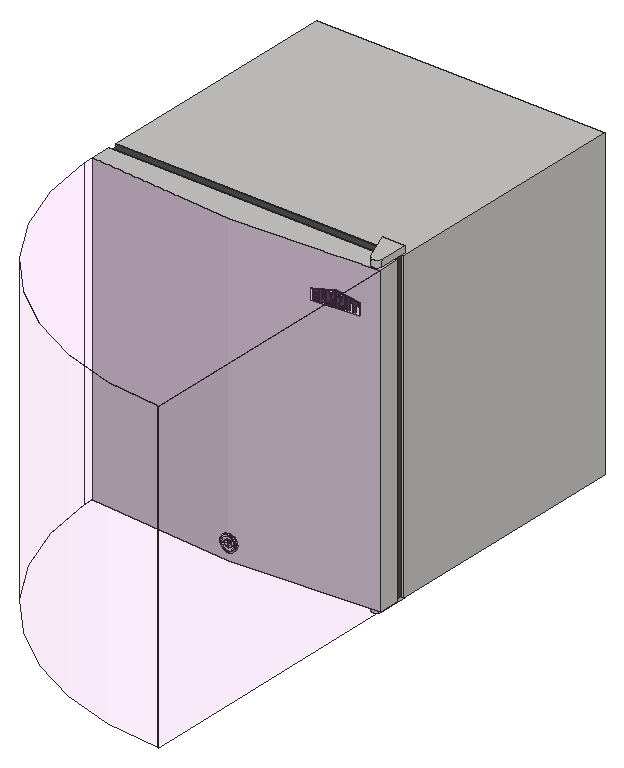
Revit family "QF_Summit_MB42SS_Compact Minibar", category Specialty Equipment, Revit 2020
Family settings
  Round Connector Dimension = Use Diameter
  Part Type = Normal
  Work Plane-Based = No
  Always vertical = Yes
  Cut with Voids When Loaded = No
  Shared = No
  Room Calculation Point = No
Parameters
  Weight in Pounds = 31
  Watts = if(Phase = 3, Volts * FL Amps * 1.73, Volts * FL Amps)  # 80.5 W
  Volts = 115 V
  URL Cutsheet = ""
  Specification by User = ""
  Specification by Manufacturer = ""
  Show RHD [instance] = yes
  Show LHD [instance] = not(Show RHD)  # no
  Show Clearance [instance] = yes
  Serial Number = ""
  Seismic Rating = ""
  SMACNA No = ""
  Revision Code = ""
  Refrigerant Volume = 0.00 kip
  Refrigerant Type = "R600a"
  Phase = 1
  Number of Poles = 1
  NAFEM Spec ID Number = ""
  Model = "MB42SS"
  Min Ckt Ampacity = 0 A
  Max Overcurrent Protection = 0 A
  Masterspec = ""
  Manufacturer = "Summit"
  Length = 17 5/8"
  Item Number = ""
  Installed By = ""
  Identify Quantity as Lot = yes
  Height = 19 7/8"
  HP = ""
  Furnished By = ""
  Foodservice Equipment Identifier = yes
  FL Amps = 0.7 A
  Electrical Remarks = ""
  Electric Connection Type = ""
  Elec Conn RI Height = 0"
  Elec Conn Connection Height = 0"
  Description = "Compact Minibar"
  Depth = 17 3/4"
  Default Elevation = 0"
  Cycle = 60 Hz
  Conn Plug = ""
  Conn Conduit = yes
  CSI MasterFormat = ""
  BTUH = 0.0 Btu/h
  Apparent Power = if(Phase = 3, Volts * FL Amps * 1.73, Volts * FL Amps)  # 80.5 VA
Reference planes (in)
  plane 1 "BACK": y = 0
  plane 2: z = 0
  plane 3 "LEFT": x = 0
  plane 4 "RIGHT": x = 17.625
  plane 5 "FRONT": y = -17.75
  plane 6 "TOP": z = 19.875
  plane 7 "Center Y": x = 8.8125
  plane 8 "Center X": y = -8.875
  plane 9: z = 0.75
  plane 10: y = -34.125
  plane 11: y = -15.875
  plane 12: y = -15.375
  plane 13: z = 19.5
  plane 14: z = 18.51485
  plane 15: z = 16.76485
Forms (in)
  Extrusion 1, solid, material "QF_Metal_Stainless_Polished"
    sketch origin (0, 0, 0) x (1, 0, 0) y (0, 1, 0)
      loop
        line (0, 0) -> (0, -15.375) -> (17.625, -15.375) -> (17.625, 0) -> (0, 0)
    from 0.75 to 19.5
  Extrusion 2, solid, material "QF_Metal_Stainless_Polished"
    sketch origin (0, 0, 0) x (1, 0, 0) y (0, 1, 0)
      loop
        line (0, -15.875) -> (0, -17.13425)
        arc (0, -17.13425) -> (8.8125, -17.75) -> (17.625, -17.13425) r 63.36965
        line (17.625, -17.13425) -> (17.625, -15.875) -> (0, -15.875)
    from 0.75 to 19.5
  Extrusion 3, solid, material "QF_Metal_Stainless_Polished"
    sketch origin (0.06445, 0, 19.5) x (1, 0, 0) y (0, 1, 0)
      loop
        line (17.36229, -16.79133) -> (17.36229, -15.06633) -> (16.02651, -15.06633) -> (16.74884, -16.86335)
        arc (16.74884, -16.86335) -> (17.08759, -17.10016) -> (17.36229, -16.79133) r 0.31095
    from 0 to 0.375
  Extrusion 4, solid, material "QF_Plastic_Epoxy_Black"
    sketch origin (0, 0, 19.5) x (1, 0, 0) y (0, 1, 0)
      loop
        line (0.19826, -15.875) -> (17.42674, -15.875) -> (17.42674, -15.375) -> (0.19826, -15.375) -> (0.19826, -15.875)
    from 0 to -18.75
  Revolve 5, solid, material "QF_Plastic_Epoxy_Black"
    sketch origin (0, -14.25, 0) x (0, 0, 1) y (-1, 0, 0)
      loop
        line (0.75, -0.82586) -> (0.05, -0.87481)
        arc (0.05, -0.87481) -> (0.01444, -0.89177) -> (0, -0.92843) r 0.05375
        line (0, -0.92843) -> (0, -1.25) -> (0.75, -1.25) -> (0.75, -0.82586)
      axis (0, -1.25) -> (0.75, -1.25)
    angle from 0 to 360
  Revolve 6, solid
    sketch origin (0, -0.07031, 1.75) x (1, 0, 0) y (0, 1, 0)
      loop
        line (8.8125, -17.75) -> (8.98497, -17.75) -> (9.01042, -17.72455) -> (9.0541, -17.72455)
        arc (9.0541, -17.72455) -> (9.12737, -17.73334) -> (9.20051, -17.74318) r 5.12438
        line (9.20051, -17.74318) -> (9.24862, -17.75) -> (9.2879, -17.75)
        arc (9.2879, -17.75) -> (9.3053, -17.7428) -> (9.3125, -17.7254) r 0.0246
        line (9.3125, -17.7254) -> (9.3125, -17.41733) -> (8.8125, -17.41733) -> (8.8125, -17.75)
      axis (8.8125, -17.75) -> (8.8125, -17.41733)
    angle from 0 to 360
  Extrusion 7, void
    sketch origin (8.8125, -17.82031, 1.75) x (0, 0, 1) y (1, 0, 0)
      loop
        line (0.15964, -0.02657) -> (0.15964, 0.02539) -> (-0.1559, 0.02539) -> (-0.1559, -0.02657) -> (0.15964, -0.02657)
    from -0.02604 to 0.08679
  Extrusion 8, solid
    sketch origin (0, 0, 0) x (1, 0, 0) y (0, 0, -1)
      loop
        circle (15.53125, -1.75) r 0.25
    from 0 to 0.22395
  Revolve 9, solid, material "QF_Plastic_Epoxy_Black"
    sketch origin (15.875, -14.25, 0) x (0, 0, 1) y (-1, 0, 0)
      loop
        line (0.75, 0.82586) -> (0.75, 1.25) -> (0, 1.25) -> (0, 0.92843)
        arc (0, 0.92843) -> (0.01444, 0.89177) -> (0.05, 0.87481) r 0.05375
        line (0.05, 0.87481) -> (0.75, 0.82586)
      axis (0, 1.25) -> (0.75, 1.25)
    angle from 0 to 360
  Revolve 10, solid, material "QF_Plastic_Epoxy_Black"
    sketch origin (0, -1.25, 0) x (0, 0, 1) y (-1, 0, 0)
      loop
        line (0.75, -0.82586) -> (0.05, -0.87481)
        arc (0.05, -0.87481) -> (0.01444, -0.89177) -> (0, -0.92843) r 0.05375
        line (0, -0.92843) -> (0, -1.25) -> (0.75, -1.25) -> (0.75, -0.82586)
      axis (0, -1.25) -> (0.75, -1.25)
    angle from 0 to 360
  Revolve 11, solid, material "QF_Plastic_Epoxy_Black"
    sketch origin (15.875, -1.25, 0) x (0, 0, 1) y (-1, 0, 0)
      loop
        line (0.75, 0.82586) -> (0.75, 1.25) -> (0, 1.25) -> (0, 0.92843)
        arc (0, 0.92843) -> (0.01444, 0.89177) -> (0.05, 0.87481) r 0.05375
        line (0.05, 0.87481) -> (0.75, 0.82586)
      axis (0, 1.25) -> (0.75, 1.25)
    angle from 0 to 360
  Extrusion 12, solid, material "QF_Clearances_Door_Drawer", visible <- "Show RHD"
    sketch origin (0, 0, 19.5) x (1, 0, 0) y (0, 1, 0)
      loop
        arc (0, -17.75) -> (5.56793, -29.39713) -> (17.58062, -34.125) r 17.625
        line (17.58062, -34.125) -> (17.625, -34.125) -> (17.625, -17.13425)
        arc (17.625, -17.13425) -> (8.8125, -17.75) -> (0, -17.13425) r 63.36965
        line (0, -17.13425) -> (0, -17.75)
    from -18.75 to 0
  Extrusion 13, solid, material "QF_Metal_Stainless_Polished"
    sketch origin (0.06445, 0, 0.5594) x (1, 0, 0) y (0, 1, 0)
      loop
        line (17.36229, -16.79133) -> (17.36229, -15.06633) -> (16.02651, -15.06633) -> (16.74884, -16.86335)
        arc (16.74884, -16.86335) -> (17.08759, -17.10016) -> (17.36229, -16.79133) r 0.31095
    from 0 to 0.1906
  Extrusion 14, solid, material "QF_Metal_Stainless_Polished", visible <- "Show LHD"
    sketch origin (17.56055, 0, 19.5) x (-1, 0, 0) y (0, -1, 0)
      loop
        arc (17.36229, 16.79133) -> (17.08759, 17.10016) -> (16.74884, 16.86335) r 0.31095
        line (16.74884, 16.86335) -> (16.02651, 15.06633) -> (17.36229, 15.06633) -> (17.36229, 16.79133)
    from 0 to 0.375
  Extrusion 15, solid, material "QF_Clearances_Door_Drawer", visible <- "Show LHD"
    sketch origin (17.625, 0, 19.5) x (-1, 0, 0) y (0, -1, 0)
      loop
        line (0, 17.75) -> (0, 17.13425)
        arc (0, 17.13425) -> (8.8125, 17.75) -> (17.625, 17.13425) r 63.36965
        line (17.625, 17.13425) -> (17.625, 34.125) -> (17.58062, 34.125)
        arc (17.58062, 34.125) -> (5.56793, 29.39713) -> (0, 17.75) r 17.625
    from -18.75 to 0
  Extrusion 16, solid, material "QF_Metal_Stainless_Polished", visible <- "Show LHD"
    sketch origin (17.56055, 0, 0.5594) x (-1, 0, 0) y (0, -1, 0)
      loop
        arc (17.36229, 16.79133) -> (17.08759, 17.10016) -> (16.74884, 16.86335) r 0.31095
        line (16.74884, 16.86335) -> (16.02651, 15.06633) -> (17.36229, 15.06633) -> (17.36229, 16.79133)
    from 0 to 0.1906
Cuts and joins
  Extrusion 7 cuts Extrusion 4
  Extrusion 7 cuts Revolve 6
Lines and regions (in)
  symbolic lines
    curve 1: line (0, 0, 19.5) -> (0, -15.375, 19.5)
    curve 3: line (17.625, -15.375, 19.5) -> (17.625, 0, 19.5)
    curve 4: line (17.625, 0, 19.5) -> (0, 0, 19.5)
    curve 9: line (0, -17.13425, 19.5) -> (0, -15.875, 19.5)
    curve 35: line (17.42674, -15.375, 19.5) -> (17.42674, -15.875, 19.5)
    curve 36: line (0.19826, -15.375, 19.5) -> (0.19826, -15.875, 19.5)
  symbolic lines, visible <- "Show RHD"
    curve 2: line (0, -15.875, 19.5) -> (16.41533, -15.875, 19.5)
    curve 5: line (17.42674, -16.78664, 19.5) -> (17.42674, -15.06643, 19.5)
    curve 6: line (17.42674, -15.06643, 19.5) -> (16.0922, -15.06643, 19.5)
    curve 7: line (16.0922, -15.06643, 19.5) -> (16.83771, -16.93195, 19.5)
    curve 8: arc (16.83771, -16.93195, 19.5) -> (17.18913, -17.08999, 19.5) -> (17.42674, -16.78664, 19.5) r 0.31244
    curve 10: line (17.42674, -15.875, 19.5) -> (17.625, -15.875, 19.5)
    curve 11: line (17.625, -15.875, 19.5) -> (17.42674, -15.875, 19.5)
    curve 12: line (0, -15.875, 19.5) -> (0, -17.13425, 19.5)
    curve 13: line (17.625, -17.13425, 19.5) -> (17.625, -15.875, 19.5)
    curve 15: line (16.41533, -15.875, 19.5) -> (0, -15.875, 19.5)
    curve 18: line (0, -15.3749, 19.5) -> (16.21547, -15.3749, 19.5)
    curve 19: line (17.42674, -15.375, 19.5) -> (17.625, -15.375, 19.5)
  symbolic lines, style "QF_Clearances_Door_Drawer", visible <- "Show RHD"
    curve 14: arc (0, -17.75001, 19.5) -> (0.81468, -21.93546, 19.5) -> (2.61067, -25.80278, 19.5) r 17.62501
    curve 17: line (0, -17.75001, 19.5) -> (0, -17.13425, 19.5)
    curve 20: line (2.61067, -25.80278, 19.5) -> (17.625, -17.13425, 19.5)
  symbolic lines, style "SpecialityEquipment", visible <- "Show RHD"
    curve 16: arc (0, -17.13425, 19.5) -> (8.8125, -17.75, 19.5) -> (17.625, -17.13425, 19.5) r 63.36965
  symbolic lines, visible <- "Show LHD"
    curve 21: line (0.19826, -16.78664, 19.5) -> (0.19826, -15.06643, 19.5)
    curve 22: line (0.19826, -15.06643, 19.5) -> (1.5328, -15.06643, 19.5)
    curve 23: line (1.5328, -15.06643, 19.5) -> (0.78729, -16.93195, 19.5)
    curve 24: arc (0.78729, -16.93195, 19.5) -> (0.43587, -17.08999, 19.5) -> (0.19826, -16.78664, 19.5) r 0.31244
    curve 25: line (0, -15.875, 19.5) -> (0.19826, -15.875, 19.5)
    curve 26: line (17.625, -15.875, 19.5) -> (17.625, -17.13425, 19.5)
    curve 28: line (1.20967, -15.875, 19.5) -> (17.625, -15.875, 19.5)
    curve 31: line (0.19826, -15.375, 19.5) -> (0, -15.375, 19.5)
    curve 33: line (17.62501, -15.3749, 19.5) -> (1.40953, -15.3749, 19.5)
    curve 34: line (0.19826, -15.375, 19.5) -> (0, -15.375, 19.5)
  symbolic lines, style "QF_Clearances_Door_Drawer", visible <- "Show LHD"
    curve 27: arc (17.625, -17.75001, 19.5) -> (16.81032, -21.93546, 19.5) -> (15.01433, -25.80278, 19.5) r 17.62501
    curve 30: line (17.625, -17.75001, 19.5) -> (17.625, -17.13425, 19.5)
    curve 32: line (15.01433, -25.80278, 19.5) -> (0, -17.13425, 19.5)
  symbolic lines, style "SpecialityEquipment", visible <- "Show LHD"
    curve 29: arc (17.625, -17.13425, 19.5) -> (8.8125, -17.75, 19.5) -> (0, -17.13425, 19.5) r 63.36965
Dimensions and locks (in)
  equal spacing: plane 3 "LEFT", plane 7 "Center Y", plane 4 "RIGHT"
  "Length": plane 3 "LEFT" to plane 4 "RIGHT"
  equal spacing: plane 5 "FRONT", plane 8 "Center X", plane 1 "BACK"
  "Depth": plane 5 "FRONT" to plane 1 "BACK"
  "Height": plane 6 "TOP" to level
  plane 9 to level = 3/4"
  plane 1 "BACK" to plane 10 = 34 1/8"
  plane 1 "BACK" to plane 12 = 15 3/8"
  plane 4 "RIGHT" to plane 3 "LEFT" = 17 5/8"
  plane 12 to plane 11 = 1/2"
  plane 11 to plane 5 "FRONT" = 1 7/8"
  locked: plane 6 "TOP" to plane 13 at 0.375
  plane 13 to plane 9 = 18 3/4"
  plane 6 "TOP" to plane 13 = 3/8"
  aligned and locked: level to plane 2
  aligned and locked: Extrusion 1 to plane 9
  aligned and locked: Extrusion 2 to plane 9
  aligned and locked: cut or joined group of Extrusion 4, Extrusion 7 to plane 12
  aligned and locked: plane 11 to Extrusion 4
  aligned and locked: Extrusion 1 to plane 12
  aligned and locked: plane 11 to curve 11
  aligned and locked: Extrusion 2 to curve 15
  aligned and locked: Extrusion 12 to plane 9
  aligned and locked: plane 13 to Extrusion 2
  aligned and locked: plane 13 to Extrusion 1
  aligned and locked: plane 13 to Extrusion 12
  aligned and locked: plane 6 "TOP" to Extrusion 3
  aligned and locked: cut or joined group of Extrusion 4, Extrusion 7 to plane 9
Automatic sketch dimensions
  Revolve 6 sketch curve to plane 7 "Center Y" = 0"  (x2)
  Revolve 6 sketch curve to plane 7 "Center Y" = 0.3317"
  plane 5 "FRONT" to Revolve 6 sketch curve = 9/128"  (x2)
  Revolve 6 sketch curve to Revolve 6 sketch curve = 0.17247"
  Revolve 6 sketch curve to Revolve 6 sketch curve = 0.02545"
  Revolve 6 sketch curve to Revolve 6 sketch curve = 0.04368"
  plane 5 "FRONT" to Revolve 6 sketch curve = 0.06349"
  Revolve 6 sketch curve to Revolve 6 sketch curve = 0.14641"
  Revolve 6 sketch curve to Revolve 6 sketch curve = 0.04811"
  Revolve 6 sketch curve to Revolve 6 sketch curve = 0.03929"
  Revolve 6 sketch curve to Revolve 6 sketch curve = 0.0246"
  Revolve 6 sketch curve to Revolve 6 sketch curve = 5.06676"
  Revolve 6 sketch curve to plane 5 "FRONT" = 0.26235"
  Revolve 6 sketch curve to plane 5 "FRONT" = 0.07934"
  Revolve 6 sketch curve to Revolve 6 sketch curve = 0.03257"
  Revolve 6 to Extrusion 7 sketch curve = 0.1559"
  Extrusion 7 sketch curve to Revolve 6 = 0.15964"
  Extrusion 7 sketch curve to Extrusion 7 sketch curve = 0.05196"
  Extrusion 1 sketch curve to plane 3 "LEFT" = 0"
  Extrusion 1 sketch curve to plane 4 "RIGHT" = 0"
  Extrusion 1 sketch curve to plane 12 = 0"
  plane 1 "BACK" to Extrusion 1 sketch curve = 0"
  Extrusion 2 sketch curve to plane 3 "LEFT" = 0"
  Extrusion 2 sketch curve to plane 7 "Center Y" = 0"
  Extrusion 2 sketch curve to plane 4 "RIGHT" = 0"
  Extrusion 2 sketch curve to plane 11 = 0"
  Extrusion 2 sketch curve to plane 5 "FRONT" = 0.61575"
  Extrusion 2 sketch curve to plane 1 "BACK" = 45.61965"
  Extrusion 3 sketch curve to Extrusion 2 = 1.53404"
  Extrusion 3 sketch curve to Extrusion 2 = 0.81171"
  Extrusion 3 sketch curve to Extrusion 3 sketch curve = 0.3025"
  Extrusion 3 sketch curve to Extrusion 2 = 0.19826"
  Extrusion 3 sketch curve to Extrusion 2 = 0.98835"
  Extrusion 2 to Extrusion 3 sketch curve = 0.80867"
  Extrusion 4 sketch curve to Extrusion 2 = 0"
  Extrusion 4 sketch curve to Extrusion 2 = 0.19826"  (x2)
  Extrusion 2 to Extrusion 4 sketch curve = 1/2"
  Revolve 5 sketch curve to level = 0"
  Revolve 5 sketch curve to plane 9 = 0"  (x2)
  level to Revolve 5 sketch curve = 0.05"
  Revolve 5 sketch curve to Revolve 5 sketch curve = 0.00375"
  plane 3 "LEFT" to Revolve 5 sketch curve = 1 1/4"
  Revolve 5 sketch curve to Revolve 5 sketch curve = 0.32157"
  Revolve 5 sketch curve to Revolve 5 sketch curve = 0.42414"
  plane 9 to Revolve 5 sketch curve = 3/4"
  Revolve 5 sketch curve to Revolve 5 sketch curve = 0"
  Extrusion 1 to Extrusion 8 sketch curve = 1"
  Extrusion 8 sketch curve to Extrusion 1 = 2 3/32"
  Revolve 9 sketch curve to level = 0"
  Revolve 9 sketch curve to plane 9 = 0"  (x2)
  level to Revolve 9 sketch curve = 0.05"
  Revolve 9 sketch curve to Revolve 9 sketch curve = 0.00375"
  plane 4 "RIGHT" to Revolve 9 sketch curve = 2.57586"
  Revolve 9 sketch curve to Revolve 9 sketch curve = 0.04895"
  Revolve 9 sketch curve to Revolve 9 sketch curve = 0.32157"
  plane 9 to Revolve 9 sketch curve = 3/4"
  Revolve 9 sketch curve to Revolve 9 sketch curve = 0"
  Revolve 10 sketch curve to level = 0"
  Revolve 10 sketch curve to plane 9 = 0"  (x2)
  level to Revolve 10 sketch curve = 0.05"
  Revolve 10 sketch curve to Revolve 10 sketch curve = 0.00375"
  plane 3 "LEFT" to Revolve 10 sketch curve = 1 1/4"
  Revolve 10 sketch curve to Revolve 10 sketch curve = 0.32157"
  Revolve 10 sketch curve to Revolve 10 sketch curve = 0.42414"
  Revolve 10 sketch curve to Revolve 10 sketch curve = 3/4"
  Revolve 10 sketch curve to Revolve 10 sketch curve = 0"
  Revolve 11 sketch curve to level = 0"
  Revolve 11 sketch curve to plane 9 = 0"  (x2)
  level to Revolve 11 sketch curve = 0.05"
  Revolve 11 sketch curve to Revolve 11 sketch curve = 0.00375"
  plane 4 "RIGHT" to Revolve 11 sketch curve = 2.57586"
  Revolve 11 sketch curve to Revolve 11 sketch curve = 0.04895"
  Revolve 11 sketch curve to Revolve 11 sketch curve = 0.32157"
  Revolve 11 sketch curve to Revolve 11 sketch curve = 3/4"
  Revolve 11 sketch curve to Revolve 11 sketch curve = 0"
  Extrusion 12 sketch curve to Extrusion 2 = 0"  (x2)
  Extrusion 12 sketch curve to Extrusion 2 = 0.04438"
  Extrusion 12 sketch curve to Extrusion 12 sketch curve = 0.61575"
  Extrusion 12 sketch curve to Extrusion 12 sketch curve = 16.99075"
  plane 12 to Extrusion 13 sketch curve = 0.30867"
  plane 4 "RIGHT" to Extrusion 13 sketch curve = 1.53404"
  plane 4 "RIGHT" to Extrusion 13 sketch curve = 0.81171"
  Extrusion 13 sketch curve to Extrusion 13 sketch curve = 0.3025"
  plane 4 "RIGHT" to Extrusion 13 sketch curve = 0.19826"
  Extrusion 13 sketch curve to plane 11 = 0.91633"
  Extrusion 14 sketch curve to Extrusion 2 = 1.53404"
  Extrusion 14 sketch curve to Extrusion 2 = 0.81171"
  Extrusion 14 sketch curve to Extrusion 14 sketch curve = 0.3025"
  Extrusion 14 sketch curve to Extrusion 2 = 0.19826"
  Extrusion 2 to Extrusion 14 sketch curve = 0.80867"
  Extrusion 14 sketch curve to Extrusion 2 = 0.91633"
  Extrusion 15 sketch curve to Extrusion 2 = 0"  (x2)
  Extrusion 15 sketch curve to Extrusion 2 = 0.04438"
  Extrusion 15 sketch curve to Extrusion 2 = 5/8"
  Extrusion 15 sketch curve to Extrusion 15 sketch curve = 0.61575"
  plane 12 to Extrusion 16 sketch curve = 0.30867"
  plane 3 "LEFT" to Extrusion 16 sketch curve = 1.53404"
  plane 3 "LEFT" to Extrusion 16 sketch curve = 0.81171"
  Extrusion 16 sketch curve to Extrusion 16 sketch curve = 0.3025"
  plane 3 "LEFT" to Extrusion 16 sketch curve = 0.19826"
  Extrusion 16 sketch curve to plane 11 = 0.91633"
  curve 16 to curve 29 = 0"  (x2)
  curve 28 to Extrusion 2 = 0"
  curve 20 to Extrusion 2 = 2.61067"
  curve 22 to Extrusion 2 = 1.5328"
  curve 23 to Extrusion 2 = 0.78729"
  curve 24 to curve 23 = 0.27659"
  curve 21 to Extrusion 2 = 0.19826"
  curve 27 to Extrusion 2 = 0.04437"
  Extrusion 2 to curve 9 = 0"
  Extrusion 2 to curve 31 = 0"
  curve 32 to Extrusion 2 = 2.61067"
  curve 6 to Extrusion 2 = 1.5328"
  curve 7 to Extrusion 2 = 0.78729"
  curve 8 to curve 8 = 0.27659"
  curve 5 to Extrusion 2 = 0.19826"
  curve 35 to Extrusion 2 = 0.19826"
  curve 14 to Extrusion 2 = 0.04437"
  Extrusion 2 to curve 20 = 0"
  Extrusion 2 to curve 19 = 0"
  curve 10 to curve 28 = 0"
  curve 17 to curve 16 = 0.61576"
  curve 30 to curve 13 = 0.61576"
  curve 20 to curve 14 = 8.05277"
  curve 32 to curve 27 = 8.05277"
  curve 13 to curve 7 = 0.2023"
  curve 9 to curve 23 = 0.2023"
  curve 35 to curve 19 = 1/2"
  Extrusion 2 to curve 31 = 1/2"
  curve 31 to curve 22 = 0.30857"
  curve 19 to curve 6 = 0.30857"
  curve 5 to curve 3 = 15.06643"
  curve 33 to curve 22 = 0.12327"
  curve 25 to curve 36 = 0"
  curve 6 to curve 18 = 0.12327"
  Extrusion 2 to curve 33 = 0"
  curve 3 to curve 33 = 0.0001"
  radius of Extrusion 8 sketch curve = 1/4"
  radius of Extrusion 12 sketch curve to Extrusion 2 = 0"
  radius of Extrusion 15 sketch curve to Extrusion 2 = 0"
  radius of Extrusion 2 to curve 16 = 0"
Nested families (in)
  nested 1: "QF_LOGO_SUMMIT" at (13.7343, -17.55663, 16.75) x (0.995, 0.0998, 0) z (0, 0, 1), visible <- "Show RHD", type "QF_LOGO_SUMMIT"
    with Show Logo yes
  nested 2: "QF_LOGO_SUMMIT" at (1.05761, -17.27078, 16.75) x (0.9949, -0.101, 0) z (0, 0, 1), visible <- "Show LHD", type "QF_LOGO_SUMMIT"
    with Show Logo yes
Connectors (in)
  electrical at (15.53125, 0.22395, 1.75), driven by "Volts", driven by "Apparent Power"
    settings: on Extrusion 8, index 1, voltage 115 V, apparent load 80.5 VA, apparent load phase1 0 VA, apparent load phase2 0 VA, apparent load phase3 0 VA, power factor 1, load classification "Other", number of poles 1, system type 30, power factor state 1, is connector primary yes, connector utility no, sub classification motor no, connector description "Electrical Inlet"
Definition of nested family "QF_LOGO_SUMMIT"
  Parameters (values of type "QF_LOGO_SUMMIT")
    Show Logo [instance] = yes
    Default Elevation = 0"
  Reference planes (in)
    plane 1 "Center (Front/Back)": y = 0
    plane 2: z = 0
    plane 3 "Center (Left/Right)": x = 0
  Forms (in)
    Extrusion 1, solid
      sketch origin (-11.16229, 0.625, -2.89667) x (1, 0, 0) y (0, 0, -1)
        loop
          line (11.41512, -3.01067) -> (11.41512, -3.12421) -> (11.22543, -3.12421) -> (11.22543, -3.46441) -> (11.54145, -3.53395) -> (11.54145, -3.33591) -> (11.43166, -3.33591) -> (11.41472, -3.36824) -> (11.36757, -3.36777) -> (11.36757, -3.25424) -> (11.54145, -3.25424) -> (11.54145, -2.91255) -> (11.22543, -2.91255) -> (11.22543, -3.04253) -> (11.35104, -3.04253) -> (11.36798, -3.01021) -> (11.41512, -3.01067)
        loop
          line (11.61729, -2.91255) -> (11.61729, -3.55064) -> (11.747, -3.57918) -> (11.747, -3.09257) -> (11.81, -3.09257) -> (11.81, -3.59304) -> (11.93431, -3.6204) -> (11.93431, -2.91255) -> (11.61729, -2.91255)
        loop
          line (12.01604, -2.91255) -> (12.01604, -3.64181) -> (12.17165, -3.67605) -> (12.26883, -3.28697) -> (12.36385, -3.71834) -> (12.50603, -3.74962) -> (12.50603, -2.91255) -> (12.37953, -2.91255) -> (12.37953, -3.18886) -> (12.30018, -2.91255) -> (12.23655, -2.91255) -> (12.15831, -3.09207) -> (12.15831, -2.91255) -> (12.01604, -2.91255)
        loop
          line (12.58485, -2.91255) -> (12.58485, -3.75305) -> (12.74259, -3.71834) -> (12.83761, -3.28697) -> (12.93479, -3.67605) -> (13.0904, -3.64181) -> (13.0904, -2.91255) -> (12.94814, -2.91255) -> (12.94814, -3.09207) -> (12.86989, -2.91255) -> (12.80626, -2.91255) -> (12.72691, -3.18886) -> (12.72691, -2.91255) -> (12.58485, -2.91255)
        loop
          line (13.16907, -2.91255) -> (13.16907, -3.6245) -> (13.34336, -3.58614) -> (13.34336, -2.91255) -> (13.16907, -2.91255)
        loop
          line (13.42201, -3.39774) -> (13.42201, -3.56884) -> (13.84912, -3.47485) -> (13.84912, -3.30375) -> (13.70668, -3.3351) -> (13.70668, -2.91255) -> (13.54875, -2.91255) -> (13.54875, -3.36985) -> (13.42201, -3.39774)
      from -0.65867 to -0.625
    Extrusion 2, solid
      sketch origin (-11.16229, 0.625, -2.89667) x (1, 0, 0) y (0, 0, -1)
        loop
          line (12.5451, -3.80844) -> (13.91229, -3.50938) -> (13.91229, -2.85528) -> (11.16229, -2.85528) -> (11.16229, -3.49894) -> (12.5451, -3.80844)
        loop
          line (11.22543, -3.46441) -> (11.54145, -3.53395) -> (11.54145, -3.33591) -> (11.43166, -3.33591) -> (11.41472, -3.36824) -> (11.36757, -3.36777) -> (11.36757, -3.25424) -> (11.54145, -3.25424) -> (11.54145, -2.91255) -> (11.22543, -2.91255) -> (11.22543, -3.04253) -> (11.35104, -3.04253) -> (11.36798, -3.01021) -> (11.41512, -3.01067) -> (11.41512, -3.12421) -> (11.22543, -3.12421) -> (11.22543, -3.46441)
        loop
          line (11.61729, -3.55064) -> (11.747, -3.57918) -> (11.747, -3.09257) -> (11.81, -3.09257) -> (11.81, -3.59304) -> (11.93431, -3.6204) -> (11.93431, -2.91255) -> (11.61729, -2.91255) -> (11.61729, -3.55064)
        loop
          line (12.01604, -3.64181) -> (12.17165, -3.67605) -> (12.26883, -3.28697) -> (12.36385, -3.71834) -> (12.50603, -3.74962) -> (12.50603, -2.91255) -> (12.37953, -2.91255) -> (12.37953, -3.18886) -> (12.30018, -2.91255) -> (12.23655, -2.91255) -> (12.15831, -3.09207) -> (12.15831, -2.91255) -> (12.01604, -2.91255) -> (12.01604, -3.64181)
        loop
          line (12.58485, -3.75305) -> (12.74259, -3.71834) -> (12.83761, -3.28697) -> (12.93479, -3.67605) -> (13.0904, -3.64181) -> (13.0904, -2.91255) -> (12.94814, -2.91255) -> (12.94814, -3.09207) -> (12.86989, -2.91255) -> (12.80626, -2.91255) -> (12.72691, -3.18886) -> (12.72691, -2.91255) -> (12.58485, -2.91255) -> (12.58485, -3.75305)
        loop
          line (13.16907, -3.6245) -> (13.34336, -3.58614) -> (13.34336, -2.91255) -> (13.16907, -2.91255) -> (13.16907, -3.6245)
        loop
          line (13.42201, -3.56884) -> (13.84912, -3.47485) -> (13.84912, -3.30375) -> (13.70668, -3.3351) -> (13.70668, -2.91255) -> (13.54875, -2.91255) -> (13.54875, -3.36985) -> (13.42201, -3.39774) -> (13.42201, -3.56884)
      from -0.625 to -0.65867
  Dimensions and locks (in)
    aligned and locked: level to plane 2
    aligned and locked: Extrusion 1 to Extrusion 2
